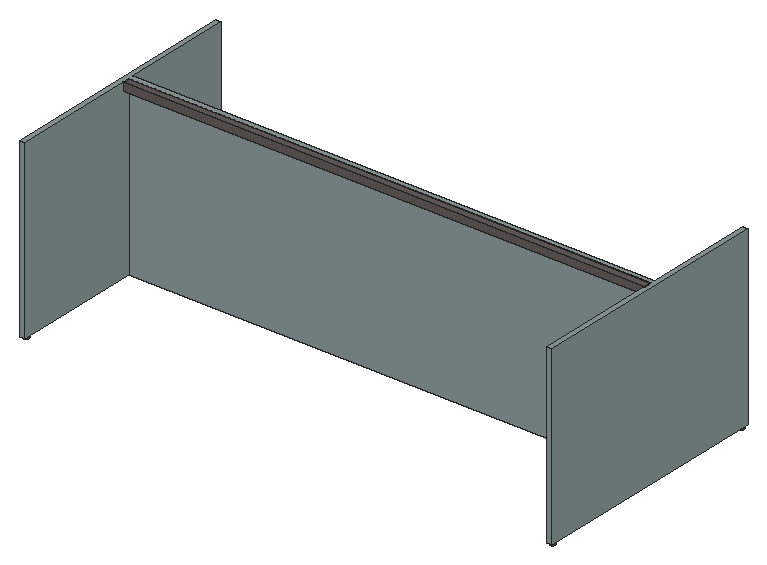
Revit family "Supports-Teknion-CEWIS-Island_Structure_Gables_Storage_One_Side-Expansion_Casework+-R2023", category Furniture, Revit 2023
Family settings
  OmniClass Number = 23.40.20.00
  OmniClass Title = General Furniture and Specialties
  Work Plane-Based = No
  Enable Cutting in Views = No
  Always vertical = Yes
  Cut with Voids When Loaded = No
  Render Appearance Source = Family Geometry
  Shared = Yes
  Room Calculation Point = No
Parameters (values of type "(F) Flush Front")
  Width [instance] = 104.000"
  Warranty = "http://www.teknion.com/ca/papers/legal-canada"
  Unit Weight URL = "http://www.teknion.com/ca/tools/assets#&asset=bee6a381-b954-425e-8283-5a2de3a804f2,f828d448-4b62-4231-9e5f-9a8991c0ed77"
  URL = "www.teknion.com"
  To render please download texture images found here [instance] = "https://assets.teknion.com/web/5e81352c1dfdb467/revit-material-swatches/"
  Sustainability Data = "https://www.teknion.com/ca/tools/assets#&topic=216f99a5-57a0-44fc-b10a-9dee9b29ae4c&asset=444deb64-fe58-4b68-981e-f75e97781df7,b4ff2d81-9f2e-437d-9659-7cffb09c31cf"
  Storage Config [instance] = 0.000"
  Series = "Expansion Casework +"  # constant formula
  R = no
  Product Page URL = "https://www.teknion.com/ca/products/product-details?productLineId=30ca1270-8e7a-673b-a6c8-ff05004460c4"
  Product Line = "Countertop & Supports"  # constant formula
  Product Documentation Link = "https://www.teknion.com/pricing/expansion-casework/pdfs/CEWIS_ppg.pdf"
  Part Number = "CEWIS_________F"
  Model = "CEWIS"  # constant formula
  Manufacturer Phone = "416-661-3370"  # constant formula
  Manufacturer Fax = "416.661.4586"  # constant formula
  Manufacturer Contact Information = "http://www.teknion.com/ca/contactus"
  Manufacturer Address = "1150 Flint Road, Toronto, ON. M3J 2J5. Canada"  # constant formula
  Manufacturer = "Teknion"  # constant formula
  How To Use Teknion Materials User Guide [instance] = "https://assets.teknion.com/m/205dd0a49fa58060/original/How-to-add-a-Material-Library-and-Texture-Images-to-your-Revit-project.pdf"
  Height [instance] = 35.000"
  Grade 2 Laminate [instance] = "Flintwood (NOT AVAILABLE)"  # constant formula
  Gable Finish [instance] = Grade 2 Laminate - Teknion - W6 - Spruce
  For Additional Finishes please visit [instance] = "https://assets.teknion.com/m/44a8009b046e5d47/original/Teknion_Materials_Library.zip"
  Flintwood [instance] = "Grade 2 (NOT AVAILABLE)"  # constant formula
  Gabel Finish Availabilty For Center Panel Finish [instance] = "NOTE: Restriction on Finishes, Pick Available Only"  # constant formula
  F = yes
  Description = "Island Structure with Gables – Storage on One Side"  # constant formula
  Depth [instance] = 48.000"
  Default Elevation = 0.000"
  Center Panel Finish [instance] = Veneer - Teknion - VB - Flintwood - Black Walnut
  Center Panel [instance] = if(and(F, Depth = 30.000"), 3.500", if(and(F, Depth = 36.000"), 9.500", if(and(F, Depth = 42.000"), 15.500", if(and(F, Depth = 48.000"), 21.500", if(and(R, Depth = 30.000"), 4.500", if(and(R, Depth = 36.000"), 10.500", if(and(R, Depth = 42.000"), 16.500", 20.500")))))))  # 21.500"
  Available Width [instance] = "62, 65, 68, 71, 74, 77, 80, 83, 86, 89, 92, 95, 98, 101 & 104 Inches"  # constant formula
  Available Height [instance] = "32 & 35 Inches"  # constant formula
  Source Laminate [instance] = "Grade 2 and Flintwood (NOT AVAILABLE)"  # constant formula
  Available Depth [instance] = "30, 36, 42 & 48 Inches"  # constant formula
  Assembly Code = "E2020200"
Types (3): name | Width | Storage Config | R | Part Number | F | Center Panel
  (no name) | 104.000" | 0.000" | no | "CEWIS_________F" | yes | 21.500"
  (F) Flush Front | 104.000" | 0.000" | no | "CEWIS_________F" | yes | 21.500"
  (R) Recessed Front | 62.000" | 21.500" | yes | "CEWIS_________R" | no | 20.500"
Reference planes (in)
  plane 1 "Center Front/Back": y = 0
  plane 2: z = 0
  plane 3 "Center Left/Right": x = 0
  plane 4 "Left": x = -52
  plane 5 "Right": x = 52
  plane 6 "Back": y = 24
  plane 7 "Front": y = -24
  plane 8 "Top": z = 35
  plane 9: y = 0
Forms (in)
  Sweep 1, solid, material "Grade 2 Laminate - Teknion - W6 - Spruce" <- "Gable Finish"
    path origin (0, 0, 0) x (1, 0, 0) y (0, 0, 1)
      loop
        line (0, 34.75) -> (0, 0.37795)
    profile origin (0, 0, 17.56398) x (0, -1, 0) y (1, 0, 0)
      loop
        line (-24, -52) -> (24, -52) -> (24, -51) -> (-1.5, -51) -> (-1.5, 51) -> (24, 51) -> (24, 52) -> (-24, 52) -> (-24, 51) -> (-2.5, 51) -> (-2.5, -51) -> (-24, -51) -> (-24, -52)
  Sweep 2, solid, material "Plastic - Teknion - E - Ebony"
    path origin (0, 0, 0) x (1, 0, 0) y (0, 0, 1)
      loop
        line (0, 0.37795) -> (0, 0)
    profile origin (0, 0, 0.18898) x (0, -1, 0) y (1, 0, 0)
      loop
        circle (-23.01046, -51.49964) r 0.5
      loop
        circle (-23.01046, 51.49964) r 0.5
      loop
        circle (23.01046, -51.49964) r 0.5
      loop
        circle (23.01046, 51.49964) r 0.5
  Sweep 3, solid, material "Veneer - Teknion - VB - Flintwood - Black Walnut" <- "Center Panel Finish"
    path origin (0, 0, 0) x (1, 0, 0) y (0, 1, 0)
      loop
        line (-51, 1.5) -> (51, 1.5)
    profile origin (0, 1.5, 0) x (0, 1, 0) y (0, 0, 1)
      loop
        line (-1.46063, 34.75) -> (-1.46063, 33.25) -> (0, 33.25) -> (0, 34.75) -> (-1.46063, 34.75)
Lines and regions (in)
  Masking region 1
    outline origin (0, 0, 0) x (1, 0, 0) y (0, 1, 0)
      loop
        line (-52, 24) -> (-52, -24) -> (-51, -24) -> (-51, 1.5) -> (51, 1.5) -> (51, -24) -> (52, -24) -> (52, 24) -> (51, 24) -> (51, 2.5) -> (-51, 2.5) -> (-51, 24) -> (-52, 24)
  symbolic lines, style "Furniture"
    curve 1: line (-51, 0.03937, 0) -> (51, 0.03937, 0)
  reference lines
    curve 2: line (-52, 24, 0) -> (-52, -24, 0)
    curve 3: line (-52, 24, 0) -> (52, 24, 0)
    curve 4: line (52, -24, 0) -> (52, 24, 0)
    curve 5: line (-52, -24, 0) -> (52, -24, 0)
  symbolic lines, style "FurnitureHiddenLines", detail levels fine
    curve 6: arc (-51.49964, 22.51046, 0) -> (-50.99964, 23.01046, 0) -> (-51.49964, 23.51046, 0) r 0.5
    curve 7: arc (-51.49964, 23.51046, 0) -> (-51.99964, 23.01046, 0) -> (-51.49964, 22.51046, 0) r 0.5
    curve 8: arc (-51.49964, -22.51046, 0) -> (-51.99964, -23.01046, 0) -> (-51.49964, -23.51046, 0) r 0.5
    curve 9: arc (-51.49964, -23.51046, 0) -> (-50.99964, -23.01046, 0) -> (-51.49964, -22.51046, 0) r 0.5
    curve 10: arc (51.49964, -23.51046, 0) -> (51.99964, -23.01046, 0) -> (51.49964, -22.51046, 0) r 0.5
    curve 11: arc (51.49964, -22.51046, 0) -> (50.99964, -23.01046, 0) -> (51.49964, -23.51046, 0) r 0.5
    curve 12: arc (51.49964, 22.51046, 0) -> (51.99964, 23.01046, 0) -> (51.49964, 23.51046, 0) r 0.5
    curve 13: arc (51.49964, 23.51046, 0) -> (50.99964, 23.01046, 0) -> (51.49964, 22.51046, 0) r 0.5
Dimensions and locks (in)
  "Width": plane 4 "Left" to plane 5 "Right"
  "Depth": plane 6 "Back" to plane 7 "Front"
  "Height": plane 8 "Top" to level
  equal spacing: plane 4 "Left", plane 3 "Center Left/Right", plane 5 "Right"
  equal spacing: plane 6 "Back", plane 1 "Center Front/Back", plane 7 "Front"
  locked: plane 8 "Top" to Sweep 1 sketch curve at 0.25
  locked: Sweep 1 sketch curve to plane 2 at 0.37795
  locked: plane 4 "Left" to Sweep 1 sketch curve at 1
  locked: Sweep 1 sketch curve to plane 5 "Right" at 1  (x2)
  locked: Sweep 2 sketch curve to plane 2 at 0.37795
  plane 4 "Left" to Sweep 2 sketch curve to Sweep 2 sketch curve = 0.50036" locked, 0.000" locked
  Sweep 2 sketch curve to Sweep 2 sketch curve to plane 5 "Right" = 0.000" locked, 0.50036" locked
  plane 6 "Back" to Sweep 2 sketch curve to Sweep 2 sketch curve = 0.98954" locked, 0.000" locked
  plane 7 "Front" to Sweep 2 sketch curve to Sweep 2 sketch curve = 0.98954" locked, 0.000" locked
  "Center Panel": plane 6 "Back" to Sweep 1 sketch curve
  locked: Sweep 1 sketch curve to Sweep 1 sketch curve at 1
  locked: Sweep 3 sketch curve to Sweep 1 at 1.46063
  plane 8 "Top" to Sweep 3 sketch curve to Sweep 3 sketch curve = 0.250" locked, 1.500" locked
  "Storage Config": plane 9 to plane 1 "Center Front/Back"
  locked: plane 4 "Left" to nested 5 at 1
  locked: nested 6 to plane 5 "Right" at 1
  locked: plane 4 "Left" to nested 7 at 1
  locked: nested 8 to plane 5 "Right" at 1
  locked: plane 7 "Front" to nested 7 at 1
  locked: plane 7 "Front" to nested 8 at 1
  aligned and locked: level to plane 2
  aligned and locked: Sweep 1 sketch curve to plane 3 "Center Left/Right"
  aligned and locked: plane 4 "Left" to Sweep 1 sketch curve
  aligned and locked: Sweep 1 sketch curve to plane 6 "Back"
  aligned and locked: Sweep 1 sketch curve to plane 7 "Front"
  aligned and locked: Sweep 1 sketch curve to plane 5 "Right"
  aligned and locked: plane 6 "Back" to Sweep 1 sketch curve
  aligned and locked: plane 7 "Front" to Sweep 1 sketch curve
  aligned and locked: Sweep 1 sketch curve to Sweep 1 sketch curve  (x2)
  aligned and locked: plane 2 to Sweep 2 sketch curve
  aligned and locked: Sweep 3 sketch curve to Sweep 1  (x3)
  aligned and locked: Sweep 1 to Sweep 3 sketch curve
  aligned and locked: Masking region 1 sketch curve to Sweep 1  (x10)
  aligned and locked: Sweep 1 to Masking region 1 sketch curve
  aligned and locked: Masking region 1 sketch curve to Sweep 3
  aligned and locked: curve 1 to Sweep 3
  aligned and locked: Sweep 1 to curve 1  (x2)
  aligned and locked: nested 1 to plane 6 "Back"
  aligned and locked: plane 4 "Left" to nested 1
  aligned and locked: nested 4 to plane 4 "Left"
  aligned and locked: nested 4 to plane 7 "Front"
  aligned and locked: plane 7 "Front" to nested 3
  aligned and locked: nested 3 to plane 5 "Right"
  aligned and locked: nested 2 to plane 6 "Back"
  aligned and locked: nested 2 to plane 5 "Right"
  aligned and locked: curve 2 to Masking region 1
  aligned and locked: curve 3 to plane 6 "Back"
  aligned and locked: curve 4 to Masking region 1
  aligned and locked: plane 7 "Front" to curve 5
  aligned and locked: Sweep 2 sketch curve to plane 3 "Center Left/Right"
  aligned and locked: curve 6 to Sweep 2
  aligned and locked: curve 7 to Sweep 2
  aligned and locked: curve 8 to Sweep 2
  aligned and locked: curve 9 to Sweep 2
  aligned and locked: curve 10 to Sweep 2
  aligned and locked: curve 11 to Sweep 2
  aligned and locked: curve 12 to Sweep 2
  aligned and locked: curve 13 to Sweep 2
  aligned and locked: nested 5 to plane 7 "Front"
  aligned and locked: plane 7 "Front" to nested 6
Automatic sketch dimensions
  curve 3 to plane 5 "Right" = 0.000"
  curve 5 to plane 4 "Left" = 0.000"
  radius of Sweep 2 sketch curve = 0.500"  (x4)
Nested families (in)
  nested 1: "Teknion_2D_Node_Family-R2021" at (-52, 24, 0), type "Teknion_2D_Node_Family-R2021"
  nested 2: "Teknion_2D_Node_Family-R2021" at (52, 24, 0), type "Teknion_2D_Node_Family-R2021"
  nested 3: "Teknion_2D_Node_Family-R2021" at (52, -24, 0), type "Teknion_2D_Node_Family-R2021"
  nested 4: "Teknion_2D_Node_Family-R2021" at (-52, -24, 0), type "Teknion_2D_Node_Family-R2021"
  nested 5: "Teknion_2D_Node_Family-R2021" at (-51, -24, 0), visible <- "F", type "Teknion_2D_Node_Family-R2021"
  nested 6: "Teknion_2D_Node_Family-R2021" at (51, -24, 0), visible <- "F", type "Teknion_2D_Node_Family-R2021"
  nested 7: "Teknion_2D_Node_Family-R2021" at (-51, -23, 0), visible <- "R", type "Teknion_2D_Node_Family-R2021"
  nested 8: "Teknion_2D_Node_Family-R2021" at (51, -23, 0), visible <- "R", type "Teknion_2D_Node_Family-R2021"
Definition of nested family "Teknion_2D_Node_Family-R2021"
  Reference planes (in)
    plane 1 "Center (Front/Back)": y = 0
    plane 2: z = 0
    plane 3 "Center (Left/Right)": x = 0
  Lines and regions (in)
    detail lines, in view "Ref. Level"
      curve 1: circle (0, 0, 0) r 1.25 normal (0, 0, 1)
      curve 2: line (1.91508, -1.91508, 0) -> (-1.91508, 1.91508, 0)
      curve 3: line (-1.91508, -1.91508, 0) -> (1.91508, 1.91508, 0)
